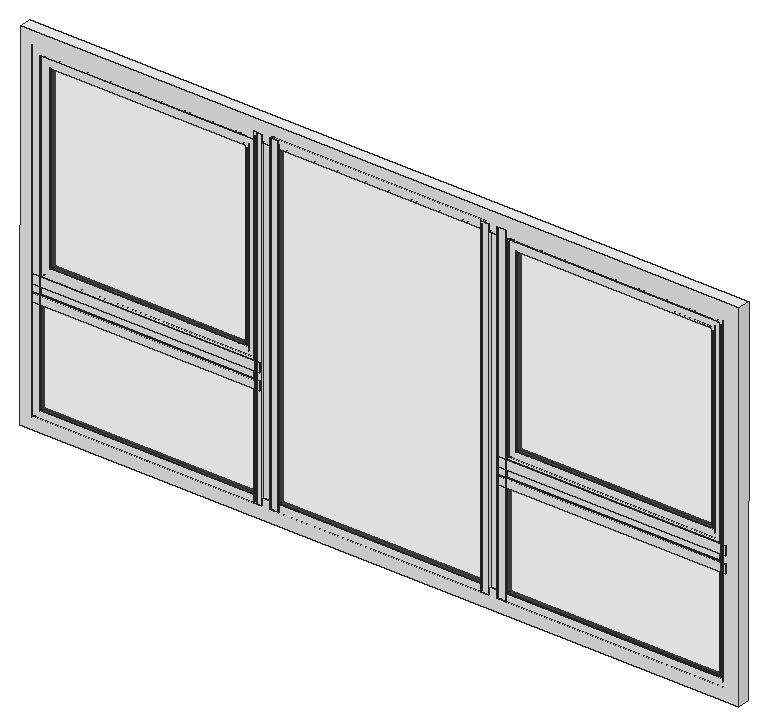
Revit family
Parameters (values of type "TH-PTT1809")
  Height = 890 mm
  Head Height = 2125 mm
  Default Sill Height = Head Height - Height  # 1235 mm
  Wall Closure = (empty or 0)
  Width = 1790 mm
Types (4, lengths in mm): name | Width
  (no name) | 1790
  TH-PTT1809 | 1790
  TH-PTT2109 | 2090
  TH-PTT2409 | 2390
Reference planes
  plane 1 "Center (Front/Back)": y = 0
  plane 2 "Center (Left/Right)": x = 0
  plane 3 "Left": x = -895
  plane 4 "Right": x = 895
  plane 5 "Sill": z = 1235
  plane 6 "Head": z = 2125
  plane 7 "Exterior": y = 100
  plane 8 "Interior": y = -100
  plane 9: y = -30.5
  plane 10: x = 300
  plane 11: x = -300
  plane 12: z = 1830
Forms (mm)
  Sweep 1, solid, material "Default Frame"
    path origin (0, 100, 0) x (1, 0, 0) y (0, 0, 1)
      loop
        line (895, 2125) -> (-895, 2125) -> (-895, 1235) -> (895, 1235) -> (895, 2125)
    profile origin (0, 100, 2125) x (0, 0, -1) y (0, -1, 0)
      loop
        line (0, 115.25) -> (0, 84.75) -> (30.58, 84.75) -> (30.58, 87.464) -> (28.08, 86.021) -> (28.08, 113.85) -> (39.575, 113.85) -> (39.575, 111.85) -> (46.275, 111.85)
        arc (46.275, 111.85) -> (46.875, 111.25) -> (47.475, 111.85) r 0.6
        line (47.475, 111.85) -> (47.475, 115.25) -> (0, 115.25)
  Extrusion 2, solid, material "Glass"
    sketch origin (49.432, 0.5, 0) x (-1, 0, 0) y (0, 0, -1)
      loop
        line (-273.208, -2069.12) -> (-273.208, -1590.84) -> (-789.688, -1590.84) -> (-789.688, -2069.12) -> (-273.208, -2069.12)
    from 0 to 3
  Sweep 3, solid, material "Default Frame"
    path origin (62.14, -108.01, -50) x (-1, 0, 0) y (0, 0, 1)
      loop
        line (357.52, 2170.4) -> (-233.2, 2170.4) -> (-233.2, 1289.6) -> (357.52, 1289.6) -> (357.52, 2170.4)
    profile origin (-0.02, -108.01, 2120.4) x (0, 0, -1) y (0, 1, 0)
      loop
        line (25.06, 99.74) -> (25.06, 109.642) -> (28.58, 109.642) -> (28.58, 108.642) -> (40.387, 108.642) -> (40.387, 109.642) -> (27.419, 122.74) -> (25.96, 122.74) -> (25.96, 120.541) -> (23.96, 121.269) -> (23.96, 95.04)
        arc (23.96, 95.04) -> (24.241, 94.741) -> (24.558, 95.003) r 0.3
        line (24.558, 95.003) -> (25.06, 99.74)
  Extrusion 4, solid, material "Glass"
    sketch origin (378.196, -3.505, 0) x (1, 0, 0) y (0, 0, 1)
      loop
        line (-111.437, 2091.82) -> (-644.996, 2091.82) -> (-644.996, 1268.18) -> (-111.437, 1268.18) -> (-111.437, 2091.82)
    from 0 to 3
  Sweep 5, solid, material "Rubber seal"
    path origin (262.173, -108.01, -50) x (1, 0, 0) y (0, 0, -1)
      loop
        line (33.24, -2170.4) -> (33.24, -1289.6) -> (-557.553, -1289.6) -> (-557.553, -2170.4) -> (33.24, -2170.4)
    profile origin (0.017, -108.01, 2120.4) x (0, 0, 1) y (0, 1, 0)
      loop
        line (-41.398, 108.642) -> (-45.535, 104.505) -> (-35.029, 104.505) -> (-35.029, 108.642) -> (-41.398, 108.642)
      loop
        line (-45.535, 101.505) -> (-42.255, 96.755) -> (-35.029, 96.755) -> (-35.029, 101.505) -> (-45.535, 101.505)
  Sweep 6, solid, material "Rubber seal"
    path origin (61.34, -100, -61.34) x (-1, 0, 0) y (0, 0, 1)
      loop
        line (-244.08, 2147.68) -> (-795, 2147.68) -> (-795, 1635) -> (-244.08, 1635) -> (-244.08, 2147.68)
    profile origin (580.88, -100, 2086.34) x (0, 0, -1) y (0, 1, 0)
      loop
        line (30.038, 104.637) -> (23.669, 104.637) -> (23.669, 100.5) -> (34.175, 100.5) -> (30.038, 104.637)
      loop
        line (34.175, 97.5) -> (23.669, 97.5) -> (23.669, 92.75) -> (30.895, 92.75) -> (34.175, 97.5)
  Sweep 7, solid, material "Default Frame"
    path origin (789.08, -100, -50) x (1, 0, 0) y (0, 0, -1)
      loop
        line (55.92, -2125) -> (55.92, -1634.96) -> (-472.32, -1634.96) -> (-472.32, -2125) -> (55.92, -2125)
    profile origin (580.88, -100, 2075) x (0, 0, 1) y (0, 1, 0)
      loop
        line (-2.36, 95.735) -> (-1.858, 90.997)
        arc (-1.858, 90.997) -> (-1.541, 90.736) -> (-1.26, 91.035) r 0.3
        line (-1.26, 91.035) -> (-1.26, 117.263) -> (-3.26, 116.536) -> (-3.26, 118.735) -> (-4.719, 118.735) -> (-17.687, 105.637) -> (-17.687, 104.637) -> (-5.88, 104.637) -> (-5.88, 105.637) -> (-2.36, 105.637) -> (-2.36, 95.735)
  Sweep 8, solid, material "Default Frame"
    path origin (811.8, -100, -50) x (1, 0, 0) y (0, 0, -1)
      loop
        line (33.2, -2125) -> (33.2, -1635) -> (-495, -1635) -> (-495, -2125) -> (33.2, -2125)
    profile origin (580.9, -100, 2075) x (0, 0, 1) y (0, 1, 0)
      loop
        line (10.425, 88.75) -> (10.425, 91.464) -> (7.92, 90.018) -> (7.92, 117.85) -> (19.42, 117.85) -> (19.42, 115.85) -> (26.12, 115.85)
        arc (26.12, 115.85) -> (26.72, 115.25) -> (27.32, 115.85) r 0.6
        line (27.32, 115.85) -> (27.32, 119.25) -> (-3.26, 119.25) -> (-3.26, 116.536) -> (-0.76, 117.979) -> (-0.76, 90.15) -> (-12.255, 90.15) -> (-12.255, 92.15) -> (-18.955, 92.15)
        arc (-18.955, 92.15) -> (-19.555, 92.75) -> (-20.155, 92.15) r 0.6
        line (-20.155, 92.15) -> (-20.155, 88.75) -> (10.425, 88.75)
  Extrusion 9, solid, material "Glass"
    sketch origin (0, 0.5, 49.432) x (1, 0, 0) y (0, 0, 1)
      loop
        line (-322.64, 2019.688) -> (-838.84, 2019.688) -> (-838.84, 1541.408) -> (-322.64, 1541.408) -> (-322.64, 2019.688)
    from 0 to 3
  Sweep 10, solid, material "Default Frame"
    path origin (1120.72, -108.005, -66.04) x (1, 0, 0) y (0, 0, -1)
      loop
        line (-214.28, -1645.62) -> (-214.28, -1289.6) -> (-865.34, -1289.6) -> (-865.34, -1645.62) -> (-214.28, -1645.62)
    profile origin (580.91, -108.005, 1579.58) x (0, 0, 1) y (0, 1, 0)
      loop
        line (-41.12, 99.74) -> (-40.618, 95.003)
        arc (-40.618, 95.003) -> (-40.301, 94.741) -> (-40.02, 95.04) r 0.3
        line (-40.02, 95.04) -> (-40.02, 121.269) -> (-42.02, 120.541) -> (-42.02, 122.74) -> (-43.479, 122.74) -> (-56.447, 109.642) -> (-56.447, 108.642) -> (-44.64, 108.642) -> (-44.64, 109.642) -> (-41.12, 109.642) -> (-41.12, 99.74)
  Sweep 11, solid, material "Rubber seal"
    path origin (933.208, -108.01, -78.47) x (-1, 0, 0) y (0, 0, 1)
      loop
        line (690.329, 1670.55) -> (14.28, 1670.55) -> (14.28, 1289.6) -> (690.329, 1289.6) -> (690.329, 1670.55)
    profile origin (580.904, -108.01, 1592.08) x (0, 0, -1) y (0, 1, 0)
      loop
        line (69.868, 108.642) -> (63.499, 108.642) -> (63.499, 104.505) -> (74.005, 104.505) -> (69.868, 108.642)
      loop
        line (74.005, 101.505) -> (63.499, 101.505) -> (63.499, 96.755) -> (70.725, 96.755) -> (74.005, 101.505)
  Extrusion 12, solid, material "Glass"
    sketch origin (871.27, -3.505, 0) x (-1, 0, 0) y (0, 0, -1)
      loop
        line (571.25, -1534.94) -> (571.25, -1268.18) -> (9.47, -1268.18) -> (9.47, -1534.94) -> (571.25, -1534.94)
    from 0 to 3
  Extrusion 13, solid, material "Glass"
    sketch origin (-854.68, -3.505, -1.779) x (1, 0, 0) y (0, 0, 1)
      loop
        line (554.66, 1536.718) -> (-7.12, 1536.718) -> (-7.12, 1269.979) -> (554.66, 1269.979) -> (554.66, 1536.718)
    from 0 to 3
  Sweep 14, solid, material "Default Frame"
    path origin (460.487, 100, -1047.687) x (1, 0, 0) y (0, 0, 1)
      loop
        line (403.933, 2625) -> (-163.107, 2625)
    profile origin (580.9, 100, 1577.313) x (0, 0, -1) y (0, -1, 0)
      loop
        line (-5.167, 115.25) -> (-5.167, 111.85)
        arc (-5.167, 111.85) -> (-4.567, 111.25) -> (-3.967, 111.85) r 0.6
        line (-3.967, 111.85) -> (2.733, 111.85) -> (2.733, 113.85) -> (14.233, 113.85) -> (14.233, 86.026) -> (11.733, 87.47) -> (11.733, 84.75) -> (39.733, 84.75) -> (39.733, 87.47) -> (37.233, 86.026) -> (37.233, 113.85) -> (48.733, 113.85) -> (48.733, 111.85) -> (55.433, 111.85)
        arc (55.433, 111.85) -> (56.033, 111.25) -> (56.633, 111.85) r 0.6
        line (56.633, 111.85) -> (56.633, 115.25) -> (35.233, 115.25) -> (35.233, 111.07) -> (16.233, 111.07) -> (16.233, 115.25) -> (-5.167, 115.25)
  Sweep 15, solid, material "Default Frame"
    path origin (-2016.428, 100, 1819.513) x (0, 0, -1) y (1, 0, 0)
      loop
        line (553.933, 2325) -> (-274.907, 2325)
    profile origin (308.572, 100, 1680) x (-1, 0, 0) y (0, -1, 0)
      loop
        line (-5.707, 115.25) -> (-5.707, 111.85)
        arc (-5.707, 111.85) -> (-5.107, 111.25) -> (-4.507, 111.85) r 0.6
        line (-4.507, 111.85) -> (2.193, 111.85) -> (2.193, 113.85) -> (13.693, 113.85) -> (13.693, 86.026) -> (11.193, 87.47) -> (11.193, 84.75) -> (39.193, 84.75) -> (39.193, 87.47) -> (36.693, 86.026) -> (36.693, 113.85) -> (48.193, 113.85) -> (48.193, 111.85) -> (54.893, 111.85)
        arc (54.893, 111.85) -> (55.493, 111.25) -> (56.093, 111.85) r 0.6
        line (56.093, 111.85) -> (56.093, 115.25) -> (34.693, 115.25) -> (34.693, 111.07) -> (15.693, 111.07) -> (15.693, 115.25) -> (-5.707, 115.25)
  Sweep 16, solid, material "Rubber seal"
    path origin (-61.34, -100, -61.34) x (1, 0, 0) y (0, 0, -1)
      loop
        line (-244.08, -2147.68) -> (-244.08, -1635) -> (-795, -1635) -> (-795, -2147.68) -> (-244.08, -2147.68)
    profile origin (-580.88, -100, 2086.34) x (0, 0, 1) y (0, 1, 0)
      loop
        line (-30.038, 104.637) -> (-34.175, 100.5) -> (-23.669, 100.5) -> (-23.669, 104.637) -> (-30.038, 104.637)
      loop
        line (-34.175, 97.5) -> (-30.895, 92.75) -> (-23.669, 92.75) -> (-23.669, 97.5) -> (-34.175, 97.5)
  Sweep 17, solid, material "Default Frame"
    path origin (-789.08, -100, -50) x (-1, 0, 0) y (0, 0, 1)
      loop
        line (55.92, 2125) -> (-472.32, 2125) -> (-472.32, 1634.96) -> (55.92, 1634.96) -> (55.92, 2125)
    profile origin (-580.88, -100, 2075) x (0, 0, -1) y (0, 1, 0)
      loop
        line (2.36, 95.735) -> (2.36, 105.637) -> (5.88, 105.637) -> (5.88, 104.637) -> (17.687, 104.637) -> (17.687, 105.637) -> (4.719, 118.735) -> (3.26, 118.735) -> (3.26, 116.536) -> (1.26, 117.263) -> (1.26, 91.035)
        arc (1.26, 91.035) -> (1.541, 90.736) -> (1.858, 90.997) r 0.3
        line (1.858, 90.997) -> (2.36, 95.735)
  Sweep 18, solid, material "Default Frame"
    path origin (-811.8, -100, -50) x (-1, 0, 0) y (0, 0, 1)
      loop
        line (33.2, 2125) -> (-495, 2125) -> (-495, 1635) -> (33.2, 1635) -> (33.2, 2125)
    profile origin (-580.9, -100, 2075) x (0, 0, -1) y (0, 1, 0)
      loop
        line (-10.425, 88.75) -> (20.155, 88.75) -> (20.155, 92.15)
        arc (20.155, 92.15) -> (19.555, 92.75) -> (18.955, 92.15) r 0.6
        line (18.955, 92.15) -> (12.255, 92.15) -> (12.255, 90.15) -> (0.76, 90.15) -> (0.76, 117.979) -> (3.26, 116.536) -> (3.26, 119.25) -> (-27.32, 119.25) -> (-27.32, 115.85)
        arc (-27.32, 115.85) -> (-26.72, 115.25) -> (-26.12, 115.85) r 0.6
        line (-26.12, 115.85) -> (-19.42, 115.85) -> (-19.42, 117.85) -> (-7.92, 117.85) -> (-7.92, 90.018) -> (-10.425, 91.464) -> (-10.425, 88.75)
  Sweep 19, solid, material "Default Frame"
    path origin (-1120.72, -108.005, -66.04) x (-1, 0, 0) y (0, 0, 1)
      loop
        line (-214.28, 1645.62) -> (-865.34, 1645.62) -> (-865.34, 1289.6) -> (-214.28, 1289.6) -> (-214.28, 1645.62)
    profile origin (-580.91, -108.005, 1579.58) x (0, 0, -1) y (0, 1, 0)
      loop
        line (41.12, 99.74) -> (41.12, 109.642) -> (44.64, 109.642) -> (44.64, 108.642) -> (56.447, 108.642) -> (56.447, 109.642) -> (43.479, 122.74) -> (42.02, 122.74) -> (42.02, 120.541) -> (40.02, 121.269) -> (40.02, 95.04)
        arc (40.02, 95.04) -> (40.301, 94.741) -> (40.618, 95.003) r 0.3
        line (40.618, 95.003) -> (41.12, 99.74)
  Sweep 20, solid, material "Rubber seal"
    path origin (-933.208, -108.01, -78.47) x (1, 0, 0) y (0, 0, -1)
      loop
        line (690.329, -1670.55) -> (690.329, -1289.6) -> (14.28, -1289.6) -> (14.28, -1670.55) -> (690.329, -1670.55)
    profile origin (-580.904, -108.01, 1592.08) x (0, 0, 1) y (0, 1, 0)
      loop
        line (-69.868, 108.642) -> (-74.005, 104.505) -> (-63.499, 104.505) -> (-63.499, 108.642) -> (-69.868, 108.642)
      loop
        line (-74.005, 101.505) -> (-70.725, 96.755) -> (-63.499, 96.755) -> (-63.499, 101.505) -> (-74.005, 101.505)
  Sweep 21, solid, material "Default Frame"
    path origin (-460.487, 100, -1047.687) x (-1, 0, 0) y (0, 0, -1)
      loop
        line (403.933, -2625) -> (-163.107, -2625)
    profile origin (-580.9, 100, 1577.313) x (0, 0, 1) y (0, -1, 0)
      loop
        line (5.167, 115.25) -> (-16.233, 115.25) -> (-16.233, 111.07) -> (-35.233, 111.07) -> (-35.233, 115.25) -> (-56.633, 115.25) -> (-56.633, 111.85)
        arc (-56.633, 111.85) -> (-56.033, 111.25) -> (-55.433, 111.85) r 0.6
        line (-55.433, 111.85) -> (-48.733, 111.85) -> (-48.733, 113.85) -> (-37.233, 113.85) -> (-37.233, 86.026) -> (-39.733, 87.47) -> (-39.733, 84.75) -> (-11.733, 84.75) -> (-11.733, 87.47) -> (-14.233, 86.026) -> (-14.233, 113.85) -> (-2.733, 113.85) -> (-2.733, 111.85) -> (3.967, 111.85)
        arc (3.967, 111.85) -> (4.567, 111.25) -> (5.167, 111.85) r 0.6
        line (5.167, 111.85) -> (5.167, 115.25)
  Sweep 22, solid, material "Default Frame"
    path origin (2016.428, 100, 1819.513) x (0, 0, -1) y (1, 0, 0)
      loop
        line (553.933, -2325) -> (-274.907, -2325)
    profile origin (-308.572, 100, 1680) x (-1, 0, 0) y (0, -1, 0)
      loop
        line (5.707, 115.25) -> (-15.693, 115.25) -> (-15.693, 111.07) -> (-34.693, 111.07) -> (-34.693, 115.25) -> (-56.093, 115.25) -> (-56.093, 111.85)
        arc (-56.093, 111.85) -> (-55.493, 111.25) -> (-54.893, 111.85) r 0.6
        line (-54.893, 111.85) -> (-48.193, 111.85) -> (-48.193, 113.85) -> (-36.693, 113.85) -> (-36.693, 86.026) -> (-39.193, 87.47) -> (-39.193, 84.75) -> (-11.193, 84.75) -> (-11.193, 87.47) -> (-13.693, 86.026) -> (-13.693, 113.85) -> (-2.193, 113.85) -> (-2.193, 111.85) -> (4.507, 111.85)
        arc (4.507, 111.85) -> (5.107, 111.25) -> (5.707, 111.85) r 0.6
        line (5.707, 111.85) -> (5.707, 115.25)
Lines and regions (mm)
  Opening 1
    outline origin (3500, -100, 0) x (1, 0, 0) y (0, 0, 1)
      loop
        line (-2605, 1235) -> (-2605, 2125) -> (-4395, 2125) -> (-4395, 1235) -> (-2605, 1235)
  symbolic lines, style "Elevation Swing"
    curve 1: line (872.32, 19.25, 2102.32) -> (580.9, 19.25, 1557.68)
    curve 2: line (580.9, 19.25, 1557.68) -> (289.445, 19.25, 2102.355)
    curve 3: line (-872.32, 19.25, 2102.305) -> (-580.9, 19.25, 1557.68)
    curve 4: line (-580.9, 19.25, 1557.68) -> (-289.48, 19.25, 2102.32)
Text (mm)
  text "EXTERIOR" at (-1963.203, 1332.353, 0), in view "Ref. Level"
  text "INTERIOR" at (-1981.466, -818.386, 0), in view "Ref. Level"
  text "Exterior" at (0, 923.751, 2943.296), in view "Right"
  text "Exterior" at (0, 1040.484, 2685.409), in view "Left"
Dimensions and locks
  equal spacing: plane 3 "Left", plane 2 "Center (Left/Right)", plane 4 "Right"
  "Width": plane 3 "Left" to plane 4 "Right"
  "Height": plane 5 "Sill" to plane 6 "Head"
  "Default Sill Height": plane 5 "Sill" to level
  locked: plane 7 "Exterior" to host wall at 0
  locked: plane 8 "Interior" to host wall
  plane 3 "Left" to plane 2 "Center (Left/Right)" to plane 4 "Right" = 895 mm, 895 mm
  locked: plane 10 to plane 4 "Right" at 595
  locked: plane 3 "Left" to plane 11 at 595
  plane 10 to Extrusion 2 = 22.64 mm
  plane 11 to Extrusion 4 = 33.2 mm
  Extrusion 4 to plane 10 = 33.24 mm
  Sweep 8 to Sweep 7 sketch curve = 27.32 mm
  Sweep 6 sketch curve to Sweep 8 = 15.98 mm
  Sweep 8 to Sweep 6 sketch curve = 15.94 mm
  Sweep 10 sketch curve to Sweep 1 = 11.44 mm
  Sweep 11 sketch curve to Sweep 1 = 23.928 mm
  Sweep 7 sketch curve to Sweep 8 = 3.3 mm
  Sweep 8 to Sweep 7 sketch curve = 3.3 mm
  Sweep 14 to Sweep 10 sketch curve = 42 mm
  Sweep 15 to Sweep 10 sketch curve = 42 mm
  Sweep 14 to Sweep 11 sketch curve = 54.5 mm
  Sweep 15 to Sweep 11 sketch curve = 54.5 mm
  Sweep 18 to Sweep 17 sketch curve = 27.32 mm
  Sweep 18 to Sweep 16 sketch curve = 15.98 mm
  Sweep 18 to Sweep 16 sketch curve = 15.94 mm
  Sweep 18 to Sweep 17 sketch curve = 3.3 mm  (x2)
  Sweep 19 sketch curve to Sweep 21 = 42 mm
  Sweep 22 to Sweep 19 sketch curve = 42 mm
  Sweep 20 sketch curve to Sweep 21 = 54.5 mm
  Sweep 22 to Sweep 20 sketch curve = 54.5 mm
  Sweep 22 to Sweep 3 sketch curve = 26 mm
  Sweep 22 to Sweep 5 sketch curve = 26 mm
  aligned and locked: curve 4 to Sweep 18
  aligned and locked: Sweep 18 to curve 3
Automatic sketch dimensions
  Opening 1 sketch curve to plane 3 "Left" = 0 mm
  Opening 1 sketch curve to plane 4 "Right" = 0 mm
  Opening 1 sketch curve to plane 5 "Sill" = 0 mm
  Opening 1 sketch curve to plane 6 "Head" = 0 mm
  Sweep 1 sketch curve to plane 3 "Left" = 0 mm
  Sweep 1 sketch curve to plane 4 "Right" = 0 mm
  Sweep 1 sketch curve to plane 5 "Sill" = 0 mm
  Sweep 1 sketch curve to plane 6 "Head" = 0 mm
  Sweep 1 sketch curve to profile plane = 0 mm
  Sweep 1 sketch curve to profile plane = 28.08 mm
  Sweep 1 sketch curve to Sweep 1 sketch curve = 2.5 mm
  Sweep 1 sketch curve to Sweep 1 sketch curve = 11.495 mm
  Sweep 1 sketch curve to Sweep 1 sketch curve = 6.7 mm
  Sweep 1 sketch curve to Sweep 1 sketch curve = 0.6 mm
  profile plane to Sweep 1 sketch curve = 84.75 mm
  Sweep 1 sketch curve to Sweep 1 sketch curve = 1.271 mm
  Sweep 1 sketch curve to Sweep 1 sketch curve = 2.714 mm
  Sweep 1 sketch curve to Sweep 1 sketch curve = 24.386 mm
  Sweep 1 sketch curve to Sweep 1 sketch curve = 2 mm
  Sweep 1 sketch curve to Sweep 1 sketch curve = 3.4 mm
  plane 4 "Right" to Extrusion 2 sketch curve = 55.88 mm
  plane 10 to Extrusion 2 sketch curve = 22.64 mm
  plane 6 "Head" to Extrusion 2 sketch curve = 55.88 mm
  Extrusion 2 sketch curve to plane 12 = 239.16 mm
  Sweep 3 sketch curve to plane 10 = 4.66 mm
  Sweep 3 sketch curve to plane 5 "Sill" = 4.6 mm
  plane 6 "Head" to Sweep 3 sketch curve = 4.6 mm
  Sweep 3 sketch curve to profile plane = 23.96 mm
  Sweep 3 sketch curve to Sweep 3 sketch curve = 0.3 mm
  Sweep 3 sketch curve to Sweep 3 sketch curve = 0.298 mm
  Sweep 3 sketch curve to Sweep 3 sketch curve = 0.502 mm
  Sweep 3 sketch curve to Sweep 3 sketch curve = 2 mm
  Sweep 3 sketch curve to Sweep 3 sketch curve = 1.459 mm
  Sweep 3 sketch curve to Sweep 3 sketch curve = 3.52 mm
  Sweep 3 sketch curve to Sweep 3 sketch curve = 11.806 mm
  profile plane to Sweep 3 sketch curve = 95.003 mm
  Sweep 3 sketch curve to Sweep 3 sketch curve = 4.738 mm
  Sweep 3 sketch curve to Sweep 3 sketch curve = 8.902 mm
  Sweep 3 sketch curve to Sweep 3 sketch curve = 1 mm  (x2)
  Sweep 3 sketch curve to Sweep 3 sketch curve = 10.899 mm
  Sweep 3 sketch curve to Sweep 3 sketch curve = 0.728 mm
  Sweep 3 sketch curve to Sweep 3 sketch curve = 2.2 mm
  Extrusion 4 sketch curve to plane 11 = 33.2 mm
  Extrusion 4 sketch curve to plane 10 = 33.24 mm
  Extrusion 4 sketch curve to plane 5 "Sill" = 33.18 mm
  plane 6 "Head" to Extrusion 4 sketch curve = 33.18 mm
  plane 6 "Head" to Sweep 5 sketch curve = 4.6 mm
  Sweep 5 sketch curve to plane 10 = 4.587 mm
  Sweep 5 sketch curve to plane 5 "Sill" = 4.6 mm
  profile plane to Sweep 5 sketch curve = 45.535 mm
  Sweep 5 sketch curve to Sweep 5 sketch curve = 0 mm
  Sweep 5 sketch curve to Sweep 5 sketch curve = 3.28 mm
  Sweep 5 sketch curve to Sweep 5 sketch curve = 4.137 mm  (x2)
  Sweep 5 sketch curve to Sweep 5 sketch curve = 6.37 mm
  Sweep 5 sketch curve to Sweep 5 sketch curve = 7.226 mm
  profile plane to Sweep 5 sketch curve = 96.755 mm
  Sweep 5 sketch curve to Sweep 5 sketch curve = 4.75 mm
  Sweep 5 sketch curve to Sweep 5 sketch curve = 3 mm
  plane 4 "Right" to Sweep 6 sketch curve = 38.66 mm
  Sweep 6 sketch curve to plane 12 = 256.34 mm
  Sweep 6 sketch curve to profile plane = 23.669 mm
  Sweep 6 sketch curve to Sweep 6 sketch curve = 0 mm  (x2)
  Sweep 6 sketch curve to Sweep 6 sketch curve = 6.37 mm
  Sweep 6 sketch curve to Sweep 6 sketch curve = 7.226 mm
  Sweep 6 sketch curve to Sweep 6 sketch curve = 4.137 mm  (x2)
  profile plane to Sweep 6 sketch curve = 92.75 mm
  Sweep 6 sketch curve to Sweep 6 sketch curve = 4.75 mm
  Sweep 6 sketch curve to Sweep 6 sketch curve = 3 mm
  plane 6 "Head" to Sweep 7 sketch curve = 50 mm
  profile plane to Sweep 7 sketch curve = 17.687 mm
  profile plane to Sweep 7 sketch curve = 5.88 mm
  profile plane to Sweep 7 sketch curve = 4.719 mm
  Sweep 7 sketch curve to Sweep 7 sketch curve = 1.459 mm
  profile plane to Sweep 7 sketch curve = 2.36 mm
  profile plane to Sweep 7 sketch curve = 1.858 mm
  Sweep 7 sketch curve to Sweep 7 sketch curve = 0.298 mm
  Sweep 7 sketch curve to Sweep 7 sketch curve = 0.3 mm
  profile plane to Sweep 7 sketch curve = 90.997 mm
  Sweep 7 sketch curve to Sweep 7 sketch curve = 4.738 mm
  Sweep 7 sketch curve to Sweep 7 sketch curve = 8.902 mm
  Sweep 7 sketch curve to Sweep 7 sketch curve = 1 mm  (x2)
  Sweep 7 sketch curve to Sweep 7 sketch curve = 10.899 mm
  Sweep 7 sketch curve to Sweep 7 sketch curve = 0.728 mm
  Sweep 7 sketch curve to Sweep 7 sketch curve = 2.2 mm
  plane 10 to Sweep 8 sketch curve = 16.8 mm
  plane 4 "Right" to Sweep 8 sketch curve = 50 mm
  plane 6 "Head" to Sweep 8 sketch curve = 50 mm
  Sweep 8 sketch curve to plane 12 = 245 mm
  profile plane to Sweep 8 sketch curve = 20.155 mm
  Sweep 8 sketch curve to Sweep 8 sketch curve = 0.6 mm  (x2)
  Sweep 8 sketch curve to Sweep 8 sketch curve = 6.7 mm  (x2)
  profile plane to Sweep 8 sketch curve = 3.26 mm
  profile plane to Sweep 8 sketch curve = 0.76 mm
  Sweep 8 sketch curve to profile plane = 7.92 mm
  Sweep 8 sketch curve to Sweep 8 sketch curve = 2.505 mm
  Sweep 8 sketch curve to Sweep 8 sketch curve = 11.5 mm
  profile plane to Sweep 8 sketch curve = 88.75 mm
  Sweep 8 sketch curve to Sweep 8 sketch curve = 1.268 mm
  Sweep 8 sketch curve to Sweep 8 sketch curve = 1.4 mm
  Sweep 8 sketch curve to Sweep 8 sketch curve = 2.714 mm  (x2)
  Sweep 8 sketch curve to Sweep 8 sketch curve = 3.4 mm
  Sweep 8 sketch curve to Sweep 8 sketch curve = 24.386 mm
  Sweep 8 sketch curve to Sweep 8 sketch curve = 0.686 mm
  Sweep 8 sketch curve to Sweep 8 sketch curve = 2 mm
  Sweep 8 sketch curve to Sweep 8 sketch curve = 1.443 mm
  Extrusion 9 sketch curve to plane 3 "Left" = 56.16 mm
  plane 11 to Extrusion 9 sketch curve = 22.64 mm
  Extrusion 9 sketch curve to plane 12 = 239.16 mm
  plane 6 "Head" to Extrusion 9 sketch curve = 55.88 mm
  plane 5 "Sill" to Sweep 10 sketch curve = 11.44 mm
  profile plane to Sweep 10 sketch curve = 56.447 mm
  Sweep 10 sketch curve to Sweep 10 sketch curve = 11.806 mm
  Sweep 10 sketch curve to Sweep 10 sketch curve = 1.161 mm
  Sweep 10 sketch curve to Sweep 10 sketch curve = 1.459 mm
  Sweep 10 sketch curve to Sweep 10 sketch curve = 3.52 mm
  Sweep 10 sketch curve to Sweep 10 sketch curve = 0.502 mm
  Sweep 10 sketch curve to Sweep 10 sketch curve = 0.298 mm
  Sweep 10 sketch curve to Sweep 10 sketch curve = 0.3 mm
  profile plane to Sweep 10 sketch curve = 95.003 mm
  Sweep 10 sketch curve to Sweep 10 sketch curve = 4.738 mm
  Sweep 10 sketch curve to Sweep 10 sketch curve = 8.902 mm
  Sweep 10 sketch curve to Sweep 10 sketch curve = 1 mm  (x2)
  Sweep 10 sketch curve to Sweep 10 sketch curve = 10.899 mm
  Sweep 10 sketch curve to Sweep 10 sketch curve = 0.728 mm
  Sweep 10 sketch curve to Sweep 10 sketch curve = 2.2 mm
  plane 5 "Sill" to Sweep 11 sketch curve = 23.87 mm
  Sweep 11 sketch curve to profile plane = 63.499 mm
  Sweep 11 sketch curve to Sweep 11 sketch curve = 0 mm  (x2)
  Sweep 11 sketch curve to Sweep 11 sketch curve = 6.37 mm
  Sweep 11 sketch curve to Sweep 11 sketch curve = 7.226 mm
  Sweep 11 sketch curve to Sweep 11 sketch curve = 4.137 mm  (x2)
  profile plane to Sweep 11 sketch curve = 96.755 mm
  Sweep 11 sketch curve to Sweep 11 sketch curve = 4.75 mm
  Sweep 11 sketch curve to Sweep 11 sketch curve = 3 mm
  plane 4 "Right" to Extrusion 12 sketch curve = 33.2 mm
  plane 10 to Extrusion 12 sketch curve = 0.02 mm
  Extrusion 12 sketch curve to plane 12 = 295.06 mm
  Extrusion 12 sketch curve to plane 5 "Sill" = 33.18 mm
  Extrusion 13 sketch curve to plane 3 "Left" = 33.2 mm
  plane 11 to Extrusion 13 sketch curve = 0.02 mm
  Extrusion 13 sketch curve to plane 5 "Sill" = 33.2 mm
  Extrusion 13 sketch curve to Extrusion 13 sketch curve = 266.739 mm
  Sweep 14 sketch curve to plane 10 = 2.62 mm
  plane 4 "Right" to Sweep 14 sketch curve = 30.58 mm
  Sweep 14 sketch curve to plane 12 = 252.687 mm
  profile plane to Sweep 14 sketch curve = 5.167 mm
  Sweep 14 sketch curve to Sweep 14 sketch curve = 0.6 mm  (x2)
  Sweep 14 sketch curve to profile plane = 2.733 mm
  Sweep 14 sketch curve to profile plane = 11.733 mm
  Sweep 14 sketch curve to Sweep 14 sketch curve = 2.5 mm  (x2)
  Sweep 14 sketch curve to Sweep 14 sketch curve = 2 mm  (x4)
  Sweep 14 sketch curve to Sweep 14 sketch curve = 19 mm
  Sweep 14 sketch curve to Sweep 14 sketch curve = 11.5 mm
  Sweep 14 sketch curve to Sweep 14 sketch curve = 6.7 mm
  profile plane to Sweep 14 sketch curve = 84.75 mm
  Sweep 14 sketch curve to Sweep 14 sketch curve = 1.276 mm  (x2)
  Sweep 14 sketch curve to Sweep 14 sketch curve = 2.72 mm  (x2)
  Sweep 14 sketch curve to Sweep 14 sketch curve = 23.6 mm
  Sweep 14 sketch curve to Sweep 14 sketch curve = 0.78 mm  (x2)
  Sweep 14 sketch curve to Sweep 14 sketch curve = 3.4 mm  (x2)
  plane 10 to Sweep 15 sketch curve = 8.572 mm
  plane 6 "Head" to Sweep 15 sketch curve = 30.58 mm
  Sweep 15 sketch curve to plane 5 "Sill" = 30.58 mm
  profile plane to Sweep 15 sketch curve = 5.707 mm
  Sweep 15 sketch curve to Sweep 15 sketch curve = 0.6 mm  (x2)
  Sweep 15 sketch curve to profile plane = 2.193 mm
  Sweep 15 sketch curve to profile plane = 11.193 mm
  Sweep 15 sketch curve to Sweep 15 sketch curve = 2.5 mm  (x2)
  Sweep 15 sketch curve to Sweep 15 sketch curve = 2 mm  (x4)
  Sweep 15 sketch curve to Sweep 15 sketch curve = 19 mm
  Sweep 15 sketch curve to Sweep 15 sketch curve = 11.5 mm
  Sweep 15 sketch curve to Sweep 15 sketch curve = 6.7 mm
  profile plane to Sweep 15 sketch curve = 84.75 mm
  Sweep 15 sketch curve to Sweep 15 sketch curve = 1.276 mm  (x2)
  Sweep 15 sketch curve to Sweep 15 sketch curve = 2.72 mm  (x2)
  Sweep 15 sketch curve to Sweep 15 sketch curve = 23.6 mm
  Sweep 15 sketch curve to Sweep 15 sketch curve = 0.78 mm  (x2)
  Sweep 15 sketch curve to Sweep 15 sketch curve = 3.4 mm  (x2)
  Sweep 16 sketch curve to plane 3 "Left" = 38.66 mm
  Sweep 16 sketch curve to plane 12 = 256.34 mm
  profile plane to Sweep 16 sketch curve = 34.175 mm
  Sweep 16 sketch curve to Sweep 16 sketch curve = 0 mm
  Sweep 16 sketch curve to Sweep 16 sketch curve = 3.28 mm
  Sweep 16 sketch curve to Sweep 16 sketch curve = 4.137 mm  (x2)
  Sweep 16 sketch curve to Sweep 16 sketch curve = 6.37 mm
  Sweep 16 sketch curve to Sweep 16 sketch curve = 7.226 mm
  profile plane to Sweep 16 sketch curve = 92.75 mm
  Sweep 16 sketch curve to Sweep 16 sketch curve = 4.75 mm
  Sweep 16 sketch curve to Sweep 16 sketch curve = 3 mm
  plane 6 "Head" to Sweep 17 sketch curve = 50 mm
  Sweep 17 sketch curve to profile plane = 1.26 mm
  Sweep 17 sketch curve to Sweep 17 sketch curve = 0.3 mm
  Sweep 17 sketch curve to Sweep 17 sketch curve = 0.298 mm
  Sweep 17 sketch curve to profile plane = 2.36 mm
  Sweep 17 sketch curve to Sweep 17 sketch curve = 2 mm
  Sweep 17 sketch curve to Sweep 17 sketch curve = 1.459 mm
  Sweep 17 sketch curve to Sweep 17 sketch curve = 3.52 mm
  Sweep 17 sketch curve to Sweep 17 sketch curve = 11.806 mm
  profile plane to Sweep 17 sketch curve = 90.997 mm
  Sweep 17 sketch curve to Sweep 17 sketch curve = 4.738 mm
  Sweep 17 sketch curve to Sweep 17 sketch curve = 8.902 mm
  Sweep 17 sketch curve to Sweep 17 sketch curve = 1 mm  (x2)
  Sweep 17 sketch curve to Sweep 17 sketch curve = 10.899 mm
  Sweep 17 sketch curve to Sweep 17 sketch curve = 0.728 mm
  Sweep 17 sketch curve to Sweep 17 sketch curve = 2.2 mm
  plane 11 to Sweep 18 sketch curve = 16.8 mm
  Sweep 18 sketch curve to plane 3 "Left" = 50 mm
  Sweep 18 sketch curve to plane 12 = 245 mm
  plane 6 "Head" to Sweep 18 sketch curve = 50 mm
  profile plane to Sweep 18 sketch curve = 27.32 mm
  Sweep 18 sketch curve to Sweep 18 sketch curve = 0.6 mm  (x2)
  Sweep 18 sketch curve to Sweep 18 sketch curve = 6.7 mm  (x2)
  profile plane to Sweep 18 sketch curve = 10.425 mm
  Sweep 18 sketch curve to Sweep 18 sketch curve = 2.505 mm
  Sweep 18 sketch curve to profile plane = 0.76 mm
  Sweep 18 sketch curve to Sweep 18 sketch curve = 2.5 mm
  Sweep 18 sketch curve to Sweep 18 sketch curve = 11.495 mm
  profile plane to Sweep 18 sketch curve = 88.75 mm
  Sweep 18 sketch curve to Sweep 18 sketch curve = 1.268 mm
  Sweep 18 sketch curve to Sweep 18 sketch curve = 1.4 mm
  Sweep 18 sketch curve to Sweep 18 sketch curve = 2.714 mm  (x2)
  Sweep 18 sketch curve to Sweep 18 sketch curve = 3.4 mm
  Sweep 18 sketch curve to Sweep 18 sketch curve = 24.386 mm
  Sweep 18 sketch curve to Sweep 18 sketch curve = 0.686 mm
  Sweep 18 sketch curve to Sweep 18 sketch curve = 2 mm
  Sweep 18 sketch curve to Sweep 18 sketch curve = 1.443 mm
  plane 3 "Left" to Sweep 19 sketch curve = 11.44 mm
  plane 5 "Sill" to Sweep 19 sketch curve = 11.44 mm
  Sweep 19 sketch curve to profile plane = 40.02 mm
  Sweep 19 sketch curve to Sweep 19 sketch curve = 0.3 mm
  Sweep 19 sketch curve to Sweep 19 sketch curve = 0.298 mm
  Sweep 19 sketch curve to Sweep 19 sketch curve = 0.502 mm
  Sweep 19 sketch curve to Sweep 19 sketch curve = 2 mm
  Sweep 19 sketch curve to Sweep 19 sketch curve = 1.459 mm
  Sweep 19 sketch curve to Sweep 19 sketch curve = 3.52 mm
  Sweep 19 sketch curve to Sweep 19 sketch curve = 11.806 mm
  profile plane to Sweep 19 sketch curve = 95.003 mm
  Sweep 19 sketch curve to Sweep 19 sketch curve = 4.738 mm
  Sweep 19 sketch curve to Sweep 19 sketch curve = 8.902 mm
  Sweep 19 sketch curve to Sweep 19 sketch curve = 1 mm  (x2)
  Sweep 19 sketch curve to Sweep 19 sketch curve = 10.899 mm
  Sweep 19 sketch curve to Sweep 19 sketch curve = 0.728 mm
  Sweep 19 sketch curve to Sweep 19 sketch curve = 2.2 mm
  plane 3 "Left" to Sweep 20 sketch curve = 23.928 mm
  plane 5 "Sill" to Sweep 20 sketch curve = 23.87 mm
  profile plane to Sweep 20 sketch curve = 74.005 mm
  Sweep 20 sketch curve to Sweep 20 sketch curve = 0 mm
  Sweep 20 sketch curve to Sweep 20 sketch curve = 3.28 mm
  Sweep 20 sketch curve to Sweep 20 sketch curve = 4.137 mm  (x2)
  Sweep 20 sketch curve to Sweep 20 sketch curve = 6.37 mm
  Sweep 20 sketch curve to Sweep 20 sketch curve = 7.226 mm
  profile plane to Sweep 20 sketch curve = 96.755 mm
  Sweep 20 sketch curve to Sweep 20 sketch curve = 4.75 mm
  Sweep 20 sketch curve to Sweep 20 sketch curve = 3 mm
  Sweep 21 sketch curve to plane 11 = 2.62 mm
  Sweep 21 sketch curve to plane 3 "Left" = 30.58 mm
  Sweep 21 sketch curve to plane 12 = 252.687 mm
  profile plane to Sweep 21 sketch curve = 56.633 mm
  Sweep 21 sketch curve to Sweep 21 sketch curve = 0.6 mm  (x2)
  Sweep 21 sketch curve to Sweep 21 sketch curve = 6.7 mm
  Sweep 21 sketch curve to Sweep 21 sketch curve = 9 mm
  Sweep 21 sketch curve to Sweep 21 sketch curve = 11.5 mm
  Sweep 21 sketch curve to Sweep 21 sketch curve = 2 mm  (x3)
  profile plane to Sweep 21 sketch curve = 16.233 mm
  profile plane to Sweep 21 sketch curve = 14.233 mm
  Sweep 21 sketch curve to Sweep 21 sketch curve = 2.5 mm
  profile plane to Sweep 21 sketch curve = 2.733 mm
  Sweep 21 sketch curve to profile plane = 3.967 mm
  profile plane to Sweep 21 sketch curve = 84.75 mm
  Sweep 21 sketch curve to Sweep 21 sketch curve = 1.276 mm  (x2)
  Sweep 21 sketch curve to Sweep 21 sketch curve = 2.72 mm  (x2)
  Sweep 21 sketch curve to Sweep 21 sketch curve = 23.6 mm
  Sweep 21 sketch curve to Sweep 21 sketch curve = 0.78 mm  (x2)
  Sweep 21 sketch curve to Sweep 21 sketch curve = 3.4 mm  (x2)
  plane 11 to Sweep 22 sketch curve = 8.572 mm
  plane 6 "Head" to Sweep 22 sketch curve = 30.58 mm
  Sweep 22 sketch curve to plane 5 "Sill" = 30.58 mm
  profile plane to Sweep 22 sketch curve = 56.093 mm
  Sweep 22 sketch curve to Sweep 22 sketch curve = 0.6 mm  (x2)
  Sweep 22 sketch curve to Sweep 22 sketch curve = 6.7 mm
  Sweep 22 sketch curve to Sweep 22 sketch curve = 9 mm
  Sweep 22 sketch curve to Sweep 22 sketch curve = 11.5 mm
  Sweep 22 sketch curve to Sweep 22 sketch curve = 2 mm  (x3)
  profile plane to Sweep 22 sketch curve = 15.693 mm
  profile plane to Sweep 22 sketch curve = 13.693 mm
  Sweep 22 sketch curve to Sweep 22 sketch curve = 2.5 mm
  profile plane to Sweep 22 sketch curve = 2.193 mm
  Sweep 22 sketch curve to profile plane = 4.507 mm
  profile plane to Sweep 22 sketch curve = 84.75 mm
  Sweep 22 sketch curve to Sweep 22 sketch curve = 1.276 mm  (x2)
  Sweep 22 sketch curve to Sweep 22 sketch curve = 2.72 mm  (x2)
  Sweep 22 sketch curve to Sweep 22 sketch curve = 23.6 mm
  Sweep 22 sketch curve to Sweep 22 sketch curve = 0.78 mm  (x2)
  Sweep 22 sketch curve to Sweep 22 sketch curve = 3.4 mm  (x2)
  curve 1 to Sweep 8 = 0 mm  (x2)
  curve 2 to Sweep 8 = 0 mm
  curve 4 to Sweep 8 = 0 mm  (x2)
  curve 2 to Sweep 8 = 260.84 mm
  curve 2 to Sweep 8 = 0.035 mm
  curve 4 to curve 4 = 291.42 mm
  curve 3 to Sweep 8 = 0.015 mm
  Sweep 8 to curve 2 = 0.035 mm
